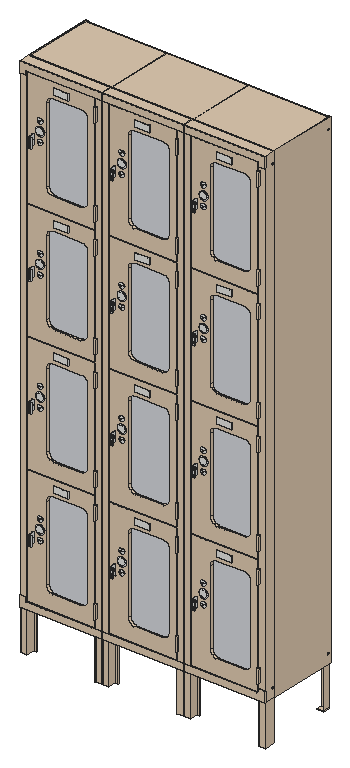
Revit family "Metal_Lockers-Salsbury_Industries-S_64000_Series-3_Wide_Units", category Specialty Equipment, Revit 2016 (continued)
Definition of nested family "Metal Locker Zee Base-Left Side"
  Dimensions and locks (in)
    "Depth": plane 7 "Left Edge of Enclosure" to plane 8 "Right Edge of Enclosure"
    "Width": plane 10 "Left Edge of Base" to plane 6 "Right Side of Unit"
    equal spacing: plane 10 "Left Edge of Base", plane 3 "Center (Left/Right)", plane 6 "Right Side of Unit"
    locked: plane 4 "Floor" to plane 9 "Bottom Edge of Enclosure" at 0.06
    aligned and locked: level to plane 2
    aligned and locked: plane 10 "Left Edge of Base" to Extrusion 1
  Automatic sketch dimensions
    plane 8 "Right Edge of Enclosure" to Extrusion 1 sketch curve = 0.000"
    Extrusion 1 sketch curve to plane 6 "Right Side of Unit" = 0.000"  (x2)
    plane 7 "Left Edge of Enclosure" to Extrusion 1 sketch curve = 0.000"
    Extrusion 1 sketch curve to plane 10 "Left Edge of Base" = 0.000"
    Extrusion 1 sketch curve to Extrusion 1 sketch curve = 0.060"
    plane 7 "Left Edge of Enclosure" to Extrusion 1 sketch curve = 0.060"
    plane 10 "Left Edge of Base" to Extrusion 1 sketch curve = 0.060"
    plane 5 "Top of Enclosure" to Extrusion 2 sketch curve = 0.000"
    Extrusion 2 sketch curve to Extrusion 2 sketch curve = 0.060"
    Extrusion 2 sketch curve to plane 7 "Left Edge of Enclosure" = 1.24133"
    plane 8 "Right Edge of Enclosure" to Extrusion 2 sketch curve = 1.250"
Definition of nested family "Metal Locker Zee Base Corner"
  Parameters (values of type "77572, 77575, 77578")
    Width = 2.000"
    Visible = yes
    Version = "1.0 (11/30/15)"
    Type Comments = "Zee Base Kit for Standard Metal Lockers - No Legs"
    Primary Structure Material = none
    Model = "n/a"
    Manufacturer = "Salsbury Industries"
    Height = 3.940"
    Description = "4\" H x 6' L - for 12\" Deep Lockers (Includes 6 Foot Front Base, 2 End Bases, Corner Splicer and 4 Rear Legs)"
    Depth = 2.000"
  Types (2): name | Visible
    77572, 77575, 77578 | yes
    None | no
  Reference planes (in)
    plane 1 "Center (Front/Back)": y = 0
    plane 2 "Bottom of Component": z = 0
    plane 3 "Center (Left/Right)": x = 0
    plane 4: z = 3.94
    plane 5: x = -1
    plane 6: x = 1
    plane 7 "Front": y = -1
    plane 8 "Back": y = 1
  Forms (in)
    Extrusion 1, solid, material <- "Primary Structure Material", visible <- "Visible"
      sketch origin (0, 0, 0) x (1, 0, 0) y (0, 1, 0)
        loop
          line (-1, 1) -> (-1, 0.94) -> (0.94, 0.94) -> (0.94, -1) -> (1, -1) -> (1, 1) -> (-1, 1)
      from 0 to 3.94
  Dimensions and locks (in)
    "Height": plane 4 to plane 2 "Bottom of Component"
    equal spacing: plane 5, plane 3 "Center (Left/Right)", plane 6
    "Width": plane 5 to plane 6
    equal spacing: plane 7 "Front", plane 1 "Center (Front/Back)", plane 8 "Back"
    "Depth": plane 7 "Front" to plane 8 "Back"
    aligned and locked: plane 2 "Bottom of Component" to level
  Automatic sketch dimensions
    Extrusion 1 sketch curve to plane 5 = 0.000"
    plane 7 "Front" to Extrusion 1 sketch curve = 0.000"
    Extrusion 1 sketch curve to plane 6 = 0.000"
    plane 8 "Back" to Extrusion 1 sketch curve = 0.000"
    plane 6 to Extrusion 1 sketch curve = 0.060"
    Extrusion 1 sketch curve to Extrusion 1 sketch curve = 0.060"
Definition of nested family "Metal Locker End Panel"
  Parameters (values of type "77362 - for 6' H x 12" D Lockers")
    Width = 0.925"
    Visible = yes
    Version = "1.0 (11/30/15)"
    Type Comments = "Finished End Panel for Standard Metal Lockers"
    Primary Structure Material = none
    Model = "77362"
    MasterFormat Title = ""
    MasterFormat Number = ""
    Manufacturer = "Salsbury Industries"
    Height = 72.000"
    Description = "End Panel for 6' H x 12\" Deep Lockers"
    Depth = 12.010"
    Assembly Code = ""
  Types (7): name | Visible | Model | Height | Description | Depth
    77362 - for 6' H x 12" D Lockers | yes | "77362" | 72.000" | "End Panel for 6' H x 12\" Deep Lockers" | 12.010"
    77365 - for 6' H x 15" D Lockers | yes | "77365" | 72.000" | "End Panel for 6' H x 15\" Deep Lockers" | 15.010"
    77368 - for 6' H X 18" D Lockers | yes | "77368" | 72.000" | "End Panel for 6' H x 18\" Deep Lockers" | 18.010"
    77352 - for 5' H x 12" D Lockers | yes | "77352" | 60.000" | "End Panel for 5' H x 12\" Deep Lockers" | 12.010"
    77355 - for 5' H x 15" D Lockers | yes | "77355" | 60.000" | "End Panel for 5' H x 15\" Deep Lockers" | 15.010"
    77358 - for 5' H x 18" D Lockers | yes | "77358" | 60.000" | "End Panel for 5' H x 18\" Deep Lockers" | 18.010"
    None | no | "n/a" | 72.000" | "" | 12.010"
  Reference planes (in)
    plane 1 "Center (Front/Back)": y = -2.167
    plane 2: z = 0
    plane 3 "Center (Left/Right)": x = -4.595
    plane 4 "Bottom of Panel": z = 0
    plane 5 "Top of Panel": z = 72
    plane 6 "Front of Panel": y = -8.172
    plane 7 "Right Side of Enclosure": x = -4.1325
    plane 8 "Left Side of Enclosure": x = -5.0575
    plane 9 "Back of Panel": y = 3.838
    plane 10: z = 36
    plane 11: z = 70.283
    plane 12: z = 1.717
    plane 13 "Outside Edge of Front Flap": y = -8.23214
    plane 14 "Outside Edge of Back Flap": y = 3.898
  Forms (in)
    Extrusion 1, solid, material <- "Primary Structure Material", visible <- "Visible"
      sketch origin (-4.1325, 0.48244, 0) x (0, 0, -1) y (0, -1, 0)
        loop
          line (-72, 8.71458) -> (-72, -3.41556) -> (0, -3.41556) -> (0, 8.71458) -> (-72, 8.71458)
      from 0 to -0.06
    Extrusion 2, solid, material <- "Primary Structure Material", visible <- "Visible"
      sketch origin (0, 3.838, 0) x (0, 0, -1) y (1, 0, 0)
        loop
          line (-72, -5.0575) -> (0, -5.0575) -> (0, -4.1325) -> (-72, -4.1325) -> (-72, -5.0575)
      from 0 to -0.06
    Extrusion 3, solid, material <- "Primary Structure Material", visible <- "Visible"
      sketch origin (0, -8.172, 0) x (1, 0, 0) y (0, 0, 1)
        loop
          line (-5.0575, 70.283) -> (-5.0575, 1.717) -> (-4.1325, 1.717) -> (-4.1325, 70.283) -> (-5.0575, 70.283)
      from 0.06014 to 0
  Dimensions and locks (in)
    equal spacing: plane 6 "Front of Panel", plane 1 "Center (Front/Back)", plane 9 "Back of Panel"
    "Depth": plane 6 "Front of Panel" to plane 9 "Back of Panel"
    equal spacing: plane 8 "Left Side of Enclosure", plane 3 "Center (Left/Right)", plane 7 "Right Side of Enclosure"
    "Width": plane 8 "Left Side of Enclosure" to plane 7 "Right Side of Enclosure"
    equal spacing: plane 5 "Top of Panel", plane 10, plane 2
    "Height": plane 5 "Top of Panel" to plane 2
    locked: plane 5 "Top of Panel" to plane 11 at 1.717
    locked: plane 13 "Outside Edge of Front Flap" to plane 6 "Front of Panel" at 0.06014
    locked: plane 9 "Back of Panel" to plane 14 "Outside Edge of Back Flap" at 0.06
    aligned and locked: level to plane 2
    aligned and locked: plane 5 "Top of Panel" to Extrusion 1 sketch curve
    aligned and locked: plane 5 "Top of Panel" to Extrusion 2 sketch curve
    aligned and locked: Extrusion 2 to plane 9 "Back of Panel"
    aligned and locked: plane 11 to Extrusion 3 sketch curve
    aligned and locked: plane 6 "Front of Panel" to Extrusion 3
    aligned and locked: plane 14 "Outside Edge of Back Flap" to Extrusion 2
    aligned and locked: Extrusion 1 to plane 14 "Outside Edge of Back Flap"
    aligned and locked: plane 13 "Outside Edge of Front Flap" to Extrusion 3
    aligned and locked: Extrusion 2 to plane 7 "Right Side of Enclosure"
    aligned and locked: Extrusion 3 to plane 7 "Right Side of Enclosure"
  Automatic sketch dimensions
    Extrusion 1 sketch curve to level = 0.000"
    Extrusion 2 sketch curve to level = 0.000"
    plane 8 "Left Side of Enclosure" to Extrusion 2 sketch curve = 0.000"
    plane 7 "Right Side of Enclosure" to Extrusion 2 sketch curve = 0.000"
    plane 8 "Left Side of Enclosure" to Extrusion 3 sketch curve = 0.000"
    Extrusion 3 sketch curve to plane 12 = 0.000"
    plane 7 "Right Side of Enclosure" to Extrusion 3 sketch curve = 0.000"
    Extrusion 1 sketch curve to plane 14 "Outside Edge of Back Flap" = 0.000"
    plane 6 "Front of Panel" to Extrusion 1 sketch curve = 0.06014"
Definition of nested family "Metal Locker Front Filler"
  Parameters (values of type "77869 - for 6' H Lockers (Zee Base or No Legs)")
    Width = 9.000"
    Visible = yes
    Version = "1.0 (11/30/15)"
    Type Comments = "Vertical Front Filler for Standard Metal Lockers"
    Primary Structure Material = none
    Model = "77865"
    MasterFormat Title = ""
    MasterFormat Number = ""
    Manufacturer = "Salsbury Industries"
    Height = 72.000"
    Description = "9\" W Vertical Front Filler for 6' H Lockers"
    Depth = 1.500"
    Assembly Code = ""
  Types (9): name | Width | Visible | Model | Height | Description | Depth
    77865 - for 6' H Lockers with Legs | 15.000" | yes | "77865" | 78.000" | "15\" W Vertical Front Filler for 6' H Lockers" | 1.000"
    77869 - for 6' H Lockers with Legs | 9.000" | yes | "77865" | 78.000" | "9\" W Vertical Front Filler for 6' H Lockers" | 1.000"
    77855 - for 5' H Lockers with Legs | 15.000" | yes | "77855" | 66.000" | "15\" W Vertical Front Filler for 5' H Lockers" | 1.000"
    77859 - for 5' H Lockers with Legs | 9.000" | yes | "77859" | 66.000" | "9\" W Vertical Front Filler for 5' H Lockers" | 1.000"
    None | 15.000" | no | "n/a" | 78.000" | "" | 1.500"
    77865 - for 6' H Lockers (Zee Base or No Legs) | 15.000" | yes | "77865" | 72.000" | "15\" W Vertical Front Filler for 6' H Lockers" | 1.000"
    77869 - for 6' H Lockers (Zee Base or No Legs) | 9.000" | yes | "77865" | 72.000" | "9\" W Vertical Front Filler for 6' H Lockers" | 1.500"
    77859 - for 5' H Lockers (Zee Base or No Legs) | 9.000" | yes | "77859" | 60.000" | "9\" W Vertical Front Filler for 5' H Lockers" | 1.000"
    77855 - for 5' H Lockers (Zee Base or No Legs) | 15.000" | yes | "77855" | 60.000" | "15\" W Vertical Front Filler for 5' H Lockers" | 1.000"
  Reference planes (in)
    plane 1 "Center (Front/Back)": y = -2.167
    plane 2: z = 0
    plane 3 "Center (Left/Right)": x = -4.595
    plane 4 "Bottom of Filler": z = 0
    plane 5 "Top of Panel": z = 72
    plane 6 "Front of Filler": y = -2.917
    plane 7 "Right Side of Filler": x = -0.095
    plane 8 "Left Side of Filler": x = -9.095
    plane 9 "Back of Filler": y = -1.417
    plane 10: z = 36
  Forms (in)
    Extrusion 1, solid, material <- "Primary Structure Material", visible <- "Visible"
      sketch origin (0, 0, 0) x (0, -1, 0) y (1, 0, 0)
        loop
          line (1.417, -9.095) -> (2.917, -9.095) -> (2.917, -1.095) -> (2.869, -1.095) -> (2.869, -9.047) -> (1.417, -9.047) -> (1.417, -9.095)
      from 0 to 72
    Extrusion 2, solid, material <- "Primary Structure Material", visible <- "Visible"
      sketch origin (0, -0.20425, 0) x (0, -1, 0) y (1, 0, 0)
        loop
          line (1.30875, -0.095) -> (1.30875, -0.143) -> (2.76075, -0.143) -> (2.76075, -1.595) -> (2.80875, -1.595) -> (2.80875, -0.095) -> (1.30875, -0.095)
      from 0 to 72
    Extrusion 3, solid, material <- "Primary Structure Material", visible <- "Visible"
      sketch origin (0, 0.10825, 0) x (0, -1, 0) y (1, 0, 0)
        loop
          line (3.07325, -1.595) -> (3.07325, -0.82524) -> (3.02525, -0.82524) -> (3.02525, -1.376) -> (3.02525, -1.449) -> (3.02525, -1.522) -> (3.02525, -1.595) -> (3.07325, -1.595)
      from 0 to 72
    Extrusion 4, solid, material <- "Primary Structure Material", visible <- "Visible"
      sketch origin (0, 0, 0) x (0, -1, 0) y (1, 0, 0)
        loop
          line (2.917, -0.82524) -> (2.821, -0.82524) -> (2.821, -1.80024) -> (2.869, -1.80024) -> (2.869, -0.87324) -> (2.917, -0.87324) -> (2.917, -0.82524)
      from 0 to 72
  Dimensions and locks (in)
    equal spacing: plane 6 "Front of Filler", plane 1 "Center (Front/Back)", plane 9 "Back of Filler"
    "Depth": plane 6 "Front of Filler" to plane 9 "Back of Filler"
    equal spacing: plane 8 "Left Side of Filler", plane 3 "Center (Left/Right)", plane 7 "Right Side of Filler"
    "Width": plane 8 "Left Side of Filler" to plane 7 "Right Side of Filler"
    equal spacing: plane 5 "Top of Panel", plane 10, plane 2
    "Height": plane 5 "Top of Panel" to plane 2
    aligned and locked: level to plane 2
    aligned and locked: Extrusion 1 to plane 5 "Top of Panel"
    aligned and locked: Extrusion 2 to plane 5 "Top of Panel"
    aligned and locked: Extrusion 3 to plane 5 "Top of Panel"
    aligned and locked: Extrusion 4 to plane 5 "Top of Panel"
  Automatic sketch dimensions
    plane 9 "Back of Filler" to Extrusion 1 sketch curve = 0.000"
    plane 6 "Front of Filler" to Extrusion 1 sketch curve = 0.000"
    Extrusion 1 sketch curve to plane 8 "Left Side of Filler" = 0.000"
    Extrusion 1 sketch curve to plane 6 "Front of Filler" = 0.048"
    Extrusion 1 sketch curve to Extrusion 1 sketch curve = 0.048"
    plane 7 "Right Side of Filler" to Extrusion 1 sketch curve = 1.000"
    Extrusion 2 sketch curve to plane 7 "Right Side of Filler" = 0.000"
    plane 7 "Right Side of Filler" to Extrusion 2 sketch curve = 0.048"
    plane 9 "Back of Filler" to Extrusion 2 sketch curve = 0.096"
    plane 6 "Front of Filler" to Extrusion 2 sketch curve = 0.048"
    Extrusion 2 sketch curve to Extrusion 2 sketch curve = 0.048"
    Extrusion 2 sketch curve to Extrusion 2 sketch curve = 1.452"
    plane 6 "Front of Filler" to Extrusion 3 sketch curve = 0.000"
    plane 7 "Right Side of Filler" to Extrusion 3 sketch curve = 1.500"
    Extrusion 3 sketch curve to Extrusion 3 sketch curve = 0.073"  (x3)
    Extrusion 3 sketch curve to Extrusion 3 sketch curve = 0.55076"
    Extrusion 3 sketch curve to Extrusion 3 sketch curve = 0.048"
    plane 6 "Front of Filler" to Extrusion 4 sketch curve = 0.000"
    Extrusion 4 sketch curve to plane 6 "Front of Filler" = 0.048"
    Extrusion 4 sketch curve to Extrusion 4 sketch curve = 0.048"  (x2)
    plane 7 "Right Side of Filler" to Extrusion 4 sketch curve = 1.70524"
    plane 7 "Right Side of Filler" to Extrusion 4 sketch curve = 0.77824"
Definition of nested family "Metal Locker Flat Top Filler"
  Parameters (values of type "77842 - for 12" Deep Lockers (15" W)")
    Width = 16.250"
    Visible = yes
    Version = "1.0 (11/30/15)"
    Type Comments = "Flat Top Filler for Standard Metal Lockers"
    Primary Structure Material = none
    Model = "77842"
    MasterFormat Title = ""
    MasterFormat Number = ""
    Manufacturer = "Salsbury Industries"
    Height = 1.003"
    Description = "15\"W Flat Top In-Line Filler"
    Depth = 12.118"
    Assembly Code = ""
  Types (7): name | Width | Visible | Model | Depth
    77842 - for 12" Deep Lockers (15" W) | 16.250" | yes | "77842" | 12.118"
    77842 - for 12" Deep Lockers (9" W) | 10.250" | yes | "77842" | 12.118"
    77845 - for 15" Deep Lockers (15" W) | 16.250" | yes | "77845" | 15.118"
    77845 - for 15" Deep Lockers (9" W) | 10.250" | yes | "77845" | 15.118"
    77848 - for 18" Deep Lockers (15" W) | 16.250" | yes | "77848" | 18.118"
    77848 - for 18" Deep Lockers (9" W) | 10.250" | yes | "77848" | 18.118"
    None | 16.250" | no | "" | 12.118"
  Reference planes (in)
    plane 1 "Center (Front/Back)": y = -2.167
    plane 2: z = 0
    plane 3 "Center (Left/Right)": x = -4.595
    plane 4 "Bottom of Panel": z = 0
    plane 5 "Top of Panel": z = 1.003
    plane 6 "Front of Panel": y = -8.226
    plane 7 "Right Side of Enclosure": x = 3.53
    plane 8 "Left Side of Enclosure": x = -12.72
    plane 9 "Back of Panel": y = 3.892
    plane 10: z = 0.5015
  Forms (in)
    Extrusion 1, solid, material <- "Primary Structure Material", visible <- "Visible"
      sketch origin (-4.595, 0, 0) x (0, 1, 0) y (0, 0, 1)
        loop
          line (-8.226, 0) -> (-8.178, 0) -> (-8.178, 0.955) -> (3.892, 0.955) -> (3.892, 1.003) -> (-8.226, 1.003) -> (-8.226, 0)
      from -8.125 to 8.125
  Dimensions and locks (in)
    equal spacing: plane 6 "Front of Panel", plane 1 "Center (Front/Back)", plane 9 "Back of Panel"
    "Depth": plane 6 "Front of Panel" to plane 9 "Back of Panel"
    equal spacing: plane 8 "Left Side of Enclosure", plane 3 "Center (Left/Right)", plane 7 "Right Side of Enclosure"
    "Width": plane 8 "Left Side of Enclosure" to plane 7 "Right Side of Enclosure"
    equal spacing: plane 5 "Top of Panel", plane 10, plane 2
    "Height": plane 5 "Top of Panel" to plane 2
    aligned and locked: level to plane 2
    aligned and locked: Extrusion 1 to plane 7 "Right Side of Enclosure"
    aligned and locked: plane 8 "Left Side of Enclosure" to Extrusion 1
    aligned and locked: plane 6 "Front of Panel" to Extrusion 1
    aligned and locked: Extrusion 1 to plane 9 "Back of Panel"
  Automatic sketch dimensions
    plane 5 "Top of Panel" to Extrusion 1 sketch curve = 0.000"
    Extrusion 1 sketch curve to plane 6 "Front of Panel" = 0.000"
    Extrusion 1 sketch curve to level = 0.000"
    Extrusion 1 sketch curve to plane 9 "Back of Panel" = 0.000"
    Extrusion 1 sketch curve to plane 6 "Front of Panel" = 0.048"
    plane 5 "Top of Panel" to Extrusion 1 sketch curve = 0.048"
Definition of nested family "Metal Locker Flat Corner Filler"
  Parameters (values of type "77832 - for 12" Deep Lockers")
    Width = 12.625"
    Visible = yes
    Version = "1.0 (11/30/15)"
    Type Comments = "Flat Top Corner Filler for Standard Metal Lockers"
    Primary Structure Material = none
    Model = "77832"
    MasterFormat Title = ""
    MasterFormat Number = ""
    Manufacturer = "Salsbury Industries"
    Height = 0.048"
    Description = "12\"W Flat Top Corner Filler"
    Depth = 12.625"
    Assembly Code = ""
  Types (4): name | Width | Visible | Model | Description | Depth
    77832 - for 12" Deep Lockers | 12.625" | yes | "77832" | "12\"W Flat Top Corner Filler" | 12.625"
    77835 - for 15" Deep Lockers | 15.625" | yes | "77835" | "15\"W Flat Top Corner Filler" | 15.625"
    77838 - for 18" Deep Lockers | 18.625" | yes | "77838" | "18\"W Flat Top Corner Filler" | 18.625"
    None | 12.625" | no | "" | "" | 12.625"
  Reference planes (in)
    plane 1 "Center (Front/Back)": y = -2.167
    plane 2: z = 0
    plane 3 "Center (Left/Right)": x = -4.595
    plane 4 "Bottom of Panel": z = 0
    plane 5 "Top of Panel": z = 0.048
    plane 6 "Front of Panel": y = -8.4795
    plane 7 "Right Side of Enclosure": x = 1.7175
    plane 8 "Left Side of Enclosure": x = -10.9075
    plane 9 "Back of Panel": y = 4.1455
    plane 10: z = 0.024
  Forms (in)
    Extrusion 1, solid, material <- "Primary Structure Material", visible <- "Visible"
      sketch origin (0, 0, 0) x (0, -1, 0) y (1, 0, 0)
        loop
          line (7.8545, -10.9075) -> (7.8545, -10.2825) -> (8.4795, -10.2825) -> (8.4795, 1.7175) -> (-4.1455, 1.7175) -> (-4.1455, -10.9075) -> (7.8545, -10.9075)
      from 0 to 0.048
  Dimensions and locks (in)
    equal spacing: plane 6 "Front of Panel", plane 1 "Center (Front/Back)", plane 9 "Back of Panel"
    "Depth": plane 6 "Front of Panel" to plane 9 "Back of Panel"
    equal spacing: plane 8 "Left Side of Enclosure", plane 3 "Center (Left/Right)", plane 7 "Right Side of Enclosure"
    "Width": plane 8 "Left Side of Enclosure" to plane 7 "Right Side of Enclosure"
    equal spacing: plane 5 "Top of Panel", plane 10, plane 2
    "Height": plane 5 "Top of Panel" to plane 2
    aligned and locked: level to plane 2
    aligned and locked: Extrusion 1 to plane 9 "Back of Panel"
    aligned and locked: plane 6 "Front of Panel" to Extrusion 1
    aligned and locked: Extrusion 1 to plane 7 "Right Side of Enclosure"
    aligned and locked: plane 8 "Left Side of Enclosure" to Extrusion 1
  Automatic sketch dimensions
    Extrusion 1 sketch curve to plane 8 "Left Side of Enclosure" = 0.000"
    plane 9 "Back of Panel" to Extrusion 1 sketch curve = 0.000"
    plane 6 "Front of Panel" to Extrusion 1 sketch curve = 0.000"
    Extrusion 1 sketch curve to plane 7 "Right Side of Enclosure" = 0.000"
    Extrusion 1 sketch curve to plane 8 "Left Side of Enclosure" = 0.625"
    Extrusion 1 sketch curve to plane 6 "Front of Panel" = 0.625"
Definition of nested family "Metal Locker Sloping Top Filler"
  Parameters (values of type "77882 - for 12" Deep Lockers (15" W)")
    Width = 16.250"
    Visible = yes
    Version = "1.0 (11/30/15)"
    Type Comments = "Sloping Hood In-Line Filler for Standard Metal Lockers"
    Slope Angle = 28.761°
    Primary Structure Material = none
    Model = "77882"
    MasterFormat Title = ""
    MasterFormat Number = ""
    Manufacturer = "Salsbury Industries"
    Height = 1.003"
    Description = "15\"W Sloping Hood In-Line Filler"
    Depth = 12.118"
    Assembly Code = ""
  Types (7): name | Width | Visible | Type Comments | Slope Angle | Model | Description | Depth
    77882 - for 12" Deep Lockers (15" W) | 16.250" | yes | "Sloping Hood In-Line Filler for Standard Metal Lockers" | 28.761° | "77882" | "15\"W Sloping Hood In-Line Filler" | 12.118"
    77882 - for 12" Deep Lockers (9" W) | 10.250" | yes | "Sloping Hood In-Line Filler for Standard Metal Lockers" | 28.761° | "77882" | "15\"W Sloping Hood In-Line Filler" | 12.118"
    77885 - for 15" Deep Lockers (15" W) | 16.250" | yes | "Sloping Hood In-Line Filler for Standard Metal Lockers" | 29.946° | "77885" | "15\"W Sloping Hood In-Line Filler" | 15.118"
    77885 - for 15" Deep Lockers (9" W) | 10.250" | yes | "Sloping Hood In-Line Filler for Standard Metal Lockers" | 29.946° | "77885" | "15\"W Sloping Hood In-Line Filler" | 15.118"
    77888 - for 18" Deep Lockers (15" W) | 16.250" | yes | "Sloping Hood In-Line Filler for Standard Metal Lockers" | 30.723° | "77888" | "15\"W Sloping Hood In-Line Filler" | 18.118"
    77888 - for 18" Deep Lockers (9" W) | 10.250" | yes | "Sloping Hood In-Line Filler for Standard Metal Lockers" | 30.723° | "77888" | "15\"W Sloping Hood In-Line Filler" | 18.118"
    None | 16.250" | no | "Sloping Hood for Standard Metal Lockers" | 28.761° | "" | "" | 12.118"
  Reference planes (in)
    plane 1 "Center (Front/Back)": y = -2.167
    plane 2: z = 0
    plane 3 "Center (Left/Right)": x = -4.595
    plane 4 "Bottom of Panel": z = 0
    plane 5 "Top of Panel": z = 1.003
    plane 6 "Front of Panel": y = -8.226
    plane 7 "Right Side of Enclosure": x = 3.53
    plane 8 "Left Side of Enclosure": x = -12.72
    plane 9 "Back of Panel": y = 3.892
    plane 10: z = 0.5015
    plane 11: through (0, -7.6072, 0.33964) normal (0, -0.4812, 0.8766)
    plane 12: through (0, -7.72698, 0.21914) normal (0, -0.4812, 0.8766)
  Forms (in)
    Extrusion 1, solid, material <- "Primary Structure Material", visible <- "Visible"
      sketch origin (-4.595, 0, 0) x (0, 1, 0) y (0, 0, 1)
        loop
          line (3.892, 6.65119) -> (-8.226, 0) -> (-8.226, -1.028) -> (-8.178, -1.028) -> (-8.178, -0.02841) -> (3.892, 6.59643) -> (3.892, 6.65119)
      from -8.125 to 8.125
  Dimensions and locks (in)
    equal spacing: plane 6 "Front of Panel", plane 1 "Center (Front/Back)", plane 9 "Back of Panel"
    "Depth": plane 6 "Front of Panel" to plane 9 "Back of Panel"
    equal spacing: plane 8 "Left Side of Enclosure", plane 3 "Center (Left/Right)", plane 7 "Right Side of Enclosure"
    "Width": plane 8 "Left Side of Enclosure" to plane 7 "Right Side of Enclosure"
    equal spacing: plane 5 "Top of Panel", plane 10, plane 2
    "Height": plane 5 "Top of Panel" to plane 2
    locked: plane 11 to plane 12 at 0.048
    "Slope Angle": angle plane 4 "Bottom of Panel" to plane 11
    aligned and locked: level to plane 2
    aligned and locked: plane 11 to Extrusion 1 sketch curve
    aligned and locked: plane 12 to Extrusion 1 sketch curve
    aligned and locked: Extrusion 1 to plane 7 "Right Side of Enclosure"
    aligned and locked: plane 8 "Left Side of Enclosure" to Extrusion 1
  Automatic sketch dimensions
    Extrusion 1 sketch curve to plane 6 "Front of Panel" = 0.000"
    Extrusion 1 sketch curve to Extrusion 1 sketch curve = 0.99959"
    Extrusion 1 sketch curve to level = 0.02841"
    Extrusion 1 sketch curve to plane 9 "Back of Panel" = 0.000"
Definition of nested family "Metal Locker Sloping Corner Filler"
  Parameters (values of type "77872 - for 12" Deep Lockers")
    Width = 12.695"
    Visible = yes
    Version = "1.0 (11/30/15)"
    Type Comments = "Sloping Hood Corner Filler for Standard Metal Lockers"
    Slope Angle 2 = 28.761°
    Slope Angle 1 = 28.761°
    Primary Structure Material = none
    Model = "77872"
    MasterFormat Title = ""
    MasterFormat Number = ""
    Manufacturer = "Salsbury Industries"
    Height = 6.87897"
    Description = "12\"D Sloping Hood Corner Filler"
    Depth = 12.695"
    Assembly Code = ""
  Types (4): name | Width | Visible | Slope Angle 2 | Slope Angle 1 | Model | Description | Depth
    77872 - for 12" Deep Lockers | 12.695" | yes | 28.761° | 28.761° | "77872" | "12\"D Sloping Hood Corner Filler" | 12.695"
    77875 - for 15" Deep Lockers | 15.695" | yes | 29.946° | 29.946° | "77875" | "15\"D Sloping Hood Corner Filler" | 15.695"
    77878 - for 18" Deep Lockers | 18.695" | yes | 30.723° | 30.723° | "77878" | "18\"D Sloping Hood Corner Filler" | 18.695"
    None | 12.695" | no | 28.723° | 28.723° | "" | "" | 12.695"
  Reference planes (in)
    plane 1 "Center (Front/Back)": y = -2.167
    plane 2: z = 0
    plane 3 "Center (Left/Right)": x = -4.595
    plane 4 "Bottom of Panel": z = 0
    plane 5 "Top of Panel": z = 6.87897
    plane 6 "Front of Panel": y = -8.5145
    plane 7 "Right Side of Enclosure": x = 1.7525
    plane 8 "Left Side of Enclosure": x = -10.9425
    plane 9 "Back of Panel": y = 4.1805
    plane 10 "Center Top/Bottom": z = 3.43948
    plane 11 "Slope 1": through (0, -7.42276, 0.59922) normal (0, -0.4812, 0.8766)
    plane 12: through (0, -7.54254, 0.47872) normal (0, -0.4812, 0.8766)
    plane 13 "Diagonal Plane": through (-10.86131, 4.09969, 48) normal (0.7071, 0.7071, 0)
    plane 14 "Cutout Plane 1": y = -7.8895
    plane 15 "Cutout Plane 2": x = 1.1275
    plane 16 "Slope 2": through (1.43902, -180, 0.17206) normal (-0.4812, 0, -0.8766)
    plane 17: through (5.04554, -180, -1.86199) normal (-0.4812, 0, -0.8766)
  Forms (in)
    Extrusion 1, solid, material <- "Primary Structure Material", visible <- "Visible"
      sketch origin (-4.595, 0, 0) x (0, 1, 0) y (0, 0, 1)
        loop
          line (-7.8895, 0.28829) -> (4.1805, 6.91313) -> (4.1805, 6.96789) -> (-7.8895, 0.34304) -> (-7.8895, 0.28829)
      from -6.3475 to 6.3475
    Extrusion 2, void
      sketch origin (0, 0, 3.43948) x (1, 0, 0) y (0, 1, 0)
        loop
          line (1.75288, -8.5145) -> (-10.9425, 4.18088) -> (-10.9425, -8.5145) -> (1.75288, -8.5145)
      from -3.43948 to 8.2673
    Extrusion 3, solid, material <- "Primary Structure Material", visible <- "Visible"
      sketch origin (0, -2.167, 0) x (1, 0, 0) y (0, 0, 1)
        loop
          line (1.1275, 0.2885) -> (1.1275, 0.34304) -> (-10.9425, 6.96789) -> (-10.9425, 6.91334) -> (1.1275, 0.2885)
      from -6.3475 to 6.3475
    Extrusion 4, void
      sketch origin (-4.595, 0, 0) x (0, 1, 0) y (0, 0, 1)
        loop
          line (4.1805, 0) -> (4.1805, 6.91313) -> (-8.41474, 0) -> (4.1805, 0)
      from -6.3475 to 6.3475
    Extrusion 5, solid, not visible
      sketch origin (1.1275, 0, 0) x (0, -1, 0) y (0, 0, 1)
        loop
          line (8.60982, 0.2885) -> (7.8895, 0.2885) -> (7.8895, 0) -> (8.60982, 0) -> (8.60982, 0.2885)
      from -0.72026 to 0
  Cuts and joins
    Extrusion 2, Extrusion 4 cuts Extrusion 1
    Extrusion 4 cuts Extrusion 3
  Dimensions and locks (in)
    equal spacing: plane 6 "Front of Panel", plane 1 "Center (Front/Back)", plane 9 "Back of Panel"
    "Depth": plane 6 "Front of Panel" to plane 9 "Back of Panel"
    equal spacing: plane 8 "Left Side of Enclosure", plane 3 "Center (Left/Right)", plane 7 "Right Side of Enclosure"
    "Width": plane 8 "Left Side of Enclosure" to plane 7 "Right Side of Enclosure"
    equal spacing: plane 5 "Top of Panel", plane 10 "Center Top/Bottom", plane 2
    "Height": plane 5 "Top of Panel" to plane 2
    locked: plane 11 "Slope 1" to plane 12 at 0.048
    locked: plane 15 "Cutout Plane 2" to plane 7 "Right Side of Enclosure" at 0.625
    locked: plane 6 "Front of Panel" to plane 14 "Cutout Plane 1" at 0.625
    locked: plane 17 to plane 16 "Slope 2" at 0.04782
    "Slope Angle 1": angle plane 4 "Bottom of Panel" to plane 11 "Slope 1"
    "Slope Angle 2": angle plane 16 "Slope 2" to plane 4 "Bottom of Panel"
    aligned and locked: level to plane 2
    aligned and locked: Extrusion 1 sketch curve to plane 14 "Cutout Plane 1"
    aligned and locked: plane 9 "Back of Panel" to Extrusion 1 sketch curve
    aligned and locked: Extrusion 1 sketch curve to plane 11 "Slope 1"
    aligned and locked: plane 12 to Extrusion 1 sketch curve
    aligned and locked: plane 8 "Left Side of Enclosure" to Extrusion 1
    aligned and locked: Extrusion 1 to plane 7 "Right Side of Enclosure"
    aligned and locked: plane 6 "Front of Panel" to Extrusion 2 sketch curve
    aligned and locked: plane 8 "Left Side of Enclosure" to Extrusion 2 sketch curve
    aligned and locked: plane 13 "Diagonal Plane" to Extrusion 2 sketch curve
    aligned and locked: plane 4 "Bottom of Panel" to cut or joined group of Extrusion 1, Extrusion 2, Extrusion 4
    aligned and locked: Extrusion 4 sketch curve to level
    aligned and locked: Extrusion 4 sketch curve to plane 9 "Back of Panel"
    aligned and locked: plane 12 to Extrusion 4 sketch curve
    aligned and locked: Extrusion 4 to plane 7 "Right Side of Enclosure"
    aligned and locked: plane 8 "Left Side of Enclosure" to Extrusion 4
    aligned and locked: cut or joined group of Extrusion 3, Extrusion 4 to plane 15 "Cutout Plane 2"
    aligned and locked: plane 6 "Front of Panel" to cut or joined group of Extrusion 3, Extrusion 4
    aligned and locked: cut or joined group of Extrusion 3, Extrusion 4 to plane 9 "Back of Panel"
    aligned and locked: Extrusion 3 sketch curve to plane 15 "Cutout Plane 2"
    aligned and locked: Extrusion 3 sketch curve to plane 16 "Slope 2"
    aligned and locked: plane 8 "Left Side of Enclosure" to Extrusion 3 sketch curve
    aligned and locked: plane 17 to Extrusion 3 sketch curve
  Automatic sketch dimensions
    Extrusion 5 sketch curve to plane 14 "Cutout Plane 1" = 0.000"
    Extrusion 5 sketch curve to level = 0.000"
    plane 6 "Front of Panel" to Extrusion 5 sketch curve = 0.09532"
    Extrusion 5 sketch curve to Extrusion 5 sketch curve = 0.2885"
Definition of nested family "Metal Locker Sloping Hood"
  Parameters (values of type "77752 - for 12" Deep Lockers (1 Wide)")
    Width = 12.040"
    Visible = yes
    Version = "1.0 (11/30/15)"
    Type Comments = "Sloping Hood for Standard Metal Lockers"
    Slope Angle = 28.761°
    Primary Structure Material = none
    Model = "77752"
    MasterFormat Title = ""
    MasterFormat Number = ""
    Manufacturer = "Salsbury Industries"
    Height = 6.625"
    Dividing Lines = no
    Description = "12\" Deep for up to (3) 12\" Wide Lockers"
    Depth = 12.070"
    Assembly Code = ""
  Types (12): name | Width | Visible | Slope Angle | Model | Height | Dividing Lines | Description | Depth
    77752 - for 12" Deep Lockers (1 Wide) | 12.040" | yes | 28.761° | "77752" | 6.625" | no | "12\" Deep for up to (3) 12\" Wide Lockers" | 12.070"
    77752 - for 12" Deep Lockers (3 Wide) | 36.040" | yes | 28.761° | "77752" | 6.625" | yes | "12\" Deep for up to (3) 12\" Wide Lockers" | 12.070"
    77755 - for 15" Deep Lockers (1 Wide) | 12.040" | yes | 29.946° | "77755" | 8.682" | no | "15\" Deep for up to (3) 12\" Wide Lockers" | 15.070"
    77755 - for 15" Deep Lockers (3 Wide) | 36.040" | yes | 29.946° | "77755" | 8.628" | yes | "15\" Deep for up to (3) 12\" Wide Lockers" | 15.070"
    77758 - for 18" Deep Lockers (1 Wide) | 12.040" | yes | 30.723° | "77758" | 10.739" | no | "18\" Deep for up to (3) 12\" Wide Lockers" | 18.070"
    77758 - for 18" Deep Lockers (3 Wide) | 36.040" | yes | 30.723° | "77758" | 10.739" | yes | "18\" Deep for up to (3) 12\" Wide Lockers" | 18.070"
    None | 12.000" | no | 28.761° | "" | 6.625" | no | "" | 12.070"
    77765 - for 15" Deep Lockers (1 Wide) | 15.040" | yes | 29.946° | "77752" | 6.625" | no | "12\" Deep for up to (3) 12\" Wide Lockers" | 15.070"
    77768 - for 18" Deep Lockers (1 Wide) | 15.040" | yes | 30.723° | "77752" | 6.625" | no | "12\" Deep for up to (3) 12\" Wide Lockers" | 18.070"
    77765 - for 15" Deep Lockers (3 Wide) | 45.040" | yes | 29.946° | "77752" | 6.625" | yes | "12\" Deep for up to (3) 12\" Wide Lockers" | 15.070"
    77768 - for 18" Deep Lockers (3 Wide) | 45.040" | yes | 30.723° | "77752" | 6.625" | yes | "12\" Deep for up to (3) 12\" Wide Lockers" | 18.070"
    77759 - for 18" Deep Bridge Lockers | 72.040" | yes | 30.723° | "77752" | 6.625" | no | "12\" Deep for up to (3) 12\" Wide Lockers" | 18.070"
  Reference planes (in)
    plane 1 "Center (Front/Back)": y = -2.167
    plane 2: z = 0
    plane 3 "Center (Left/Right)": x = -4.595
    plane 4 "Bottom of Panel": z = 0
    plane 5 "Top of Panel": z = 6.625
    plane 6 "Front of Panel": y = -8.202
    plane 7 "Right Side of Enclosure": x = 1.425
    plane 8 "Left Side of Enclosure": x = -10.615
    plane 9 "Back of Panel": y = 3.868
    plane 10: z = 3.3125
    plane 11: through (0, -7.81601, 0.21186) normal (0, -0.4812, 0.8766)
    plane 12: through (0, -7.94397, 0.10626) normal (0, -0.4812, 0.8766)
    plane 13: y = 3.837
    plane 14: y = 3.806
    plane 15: y = 3.775
    plane 16: y = 3.37433
    plane 17 "Divider 1": x = -6.60167
    plane 18 "Divider 2": x = -2.58833
  Forms (in)
    Extrusion 1, solid, material <- "Primary Structure Material", visible <- "Visible"
      sketch origin (1.425, 0, 0) x (0, 0, -1) y (0, -1, 0)
        loop
          line (-6.62484, -3.868) -> (0, -3.868) -> (0, 8.202) -> (-6.62484, -3.868)
      from 0 to 0.031
    Extrusion 2, solid, material <- "Primary Structure Material", visible <- "Visible"
      sketch origin (1.425, 0, 0) x (0, 0, -1) y (0, -1, 0)
        loop
          line (0, -3.868) -> (0, -3.837) -> (-6.60783, -3.837) -> (-6.62484, -3.868) -> (0, -3.868)
      from 0.03098 to 0.40598
    Extrusion 3, solid, material <- "Primary Structure Material", visible <- "Visible"
      sketch origin (1.425, 0, 0) x (0, 0, -1) y (0, -1, 0)
        loop
          line (0, -3.837) -> (0, 8.13757) -> (-0.031, 8.08109) -> (-0.031, -3.837) -> (0, -3.837)
      from 0.031 to 0.80198
    Extrusion 4, solid, material <- "Primary Structure Material", visible <- "Visible"
      sketch origin (-10.615, 0, 0) x (0, 0, -1) y (0, -1, 0)
        loop
          line (-6.62484, -3.868) -> (0, -3.868) -> (0, 8.202) -> (-6.62484, -3.868)
      from 0 to -0.031
    Extrusion 5, solid, material <- "Primary Structure Material", visible <- "Visible"
      sketch origin (-10.615, 0, 0) x (0, 0, -1) y (0, -1, 0)
        loop
          line (0, -3.868) -> (0, -3.837) -> (-6.60783, -3.837) -> (-6.62484, -3.868) -> (0, -3.868)
      from -0.031 to -0.406
    Extrusion 6, solid, material <- "Primary Structure Material", visible <- "Visible"
      sketch origin (-10.615, 0, 0) x (0, 0, -1) y (0, -1, 0)
        loop
          line (0, -3.837) -> (0, 8.13757) -> (-0.031, 8.08109) -> (-0.031, -3.837) -> (0, -3.837)
      from -0.031 to -0.802
    Extrusion 7, solid, material <- "Primary Structure Material", visible <- "Visible"
      sketch origin (-4.595, 0, 0) x (0, 1, 0) y (0, 0, 1)
        loop
          line (3.837, 6.60783) -> (-8.202, 0) -> (-7.84238, 0) -> (-7.84238, 0.031) -> (-8.08109, 0.031) -> (3.806, 6.55545) -> (3.806, 6.21809) -> (3.837, 6.21809) -> (3.837, 6.60783)
      from -5.989 to 5.989
    Extrusion 8, solid, material <- "Primary Structure Material", visible <- "Visible"
      sketch origin (-4.595, -0.031, 0) x (0, 1, 0) y (0, 0, 1)
        loop
          line (3.837, 0.031) -> (3.837, 6.55545) -> (3.806, 6.53844) -> (3.806, 0.031) -> (3.837, 0.031)
      from -5.989 to 5.989
    Extrusion 9, solid, material <- "Primary Structure Material", visible <- "Visible"
      sketch origin (0, -0.031, 0) x (0, -1, 0) y (1, 0, 0)
        loop
          line (-3.806, -9.75653) -> (-3.40533, -9.75653) -> (-3.40533, 0.56919) -> (-3.806, 0.56919) -> (-3.806, -9.75653)
      from 0.031 to 0.06464
  Lines and regions (in)
    model lines, visible <- "Dividing Lines"
      curve 1: line (-6.60167, -8.21456, -0.0069) -> (-6.60167, 3.868, 6.62484)
      curve 2: line (-2.58833, -8.21456, -0.0069) -> (-2.58833, 3.868, 6.62484)
  Dimensions and locks (in)
    equal spacing: plane 6 "Front of Panel", plane 1 "Center (Front/Back)", plane 9 "Back of Panel"
    "Depth": plane 6 "Front of Panel" to plane 9 "Back of Panel"
    equal spacing: plane 8 "Left Side of Enclosure", plane 17 "Divider 1", plane 18 "Divider 2", plane 7 "Right Side of Enclosure"
    "Width": plane 8 "Left Side of Enclosure" to plane 7 "Right Side of Enclosure"
    equal spacing: plane 5 "Top of Panel", plane 10, plane 2
    "Height": plane 5 "Top of Panel" to plane 2
    locked: plane 11 to plane 12 at 0.031
    plane 16 to plane 15 to plane 14 to plane 13 to plane 9 "Back of Panel" = 0.40067", 0.031", 0.031", 0.031"
    equal spacing: plane 8 "Left Side of Enclosure", plane 3 "Center (Left/Right)", plane 7 "Right Side of Enclosure"
    "Slope Angle": angle plane 4 "Bottom of Panel" to plane 11
    aligned and locked: level to plane 2
    aligned and locked: Extrusion 1 to plane 9 "Back of Panel"
    aligned and locked: plane 4 "Bottom of Panel" to Extrusion 1
    aligned and locked: Extrusion 7 to Extrusion 1
    aligned and locked: Extrusion 7 to Extrusion 4
    aligned and locked: Extrusion 7 to Extrusion 8  (x2)
    aligned and locked: plane 11 to Extrusion 7 sketch curve
    aligned and locked: plane 12 to Extrusion 7 sketch curve
    aligned and locked: plane 12 to Extrusion 8 sketch curve
    aligned and locked: Extrusion 4 sketch curve to plane 11
    aligned and locked: Extrusion 1 sketch curve to plane 11
    aligned and locked: Extrusion 3 sketch curve to plane 12
    aligned and locked: Extrusion 6 sketch curve to plane 12
    aligned and locked: plane 13 to Extrusion 7
    aligned and locked: plane 14 to Extrusion 8
    aligned and locked: plane 15 to Extrusion 8
    aligned and locked: plane 16 to Extrusion 9
    aligned and locked: plane 13 to Extrusion 7 sketch curve
    aligned and locked: Extrusion 7 sketch curve to plane 14
    aligned and locked: plane 13 to Extrusion 2 sketch curve
    aligned and locked: plane 11 to Extrusion 2 sketch curve
    aligned and locked: plane 13 to Extrusion 5 sketch curve
    aligned and locked: plane 11 to Extrusion 5 sketch curve
    aligned and locked: curve 2 to plane 18 "Divider 2"
    aligned and locked: curve 1 to plane 17 "Divider 1"
  Automatic sketch dimensions
    Extrusion 7 sketch curve to level = 0.000"
    level to Extrusion 7 sketch curve = 0.031"
    Extrusion 7 sketch curve to Extrusion 7 sketch curve = 0.23871"
    Extrusion 7 sketch curve to Extrusion 7 sketch curve = 0.33736"
    Extrusion 1 sketch curve to plane 9 "Back of Panel" = 0.000"
    Extrusion 1 sketch curve to level = 0.000"
    Extrusion 2 sketch curve to plane 9 "Back of Panel" = 0.000"
    Extrusion 2 sketch curve to level = 0.000"
    Extrusion 3 sketch curve to plane 13 = 0.000"
    Extrusion 3 sketch curve to level = 0.000"
    level to Extrusion 3 sketch curve = 0.031"
    Extrusion 4 sketch curve to plane 9 "Back of Panel" = 0.000"
    Extrusion 4 sketch curve to level = 0.000"
    Extrusion 5 sketch curve to plane 9 "Back of Panel" = 0.000"
    Extrusion 5 sketch curve to level = 0.000"
    Extrusion 6 sketch curve to plane 13 = 0.000"
    Extrusion 6 sketch curve to level = 0.000"
    Extrusion 6 sketch curve to Extrusion 6 sketch curve = 0.031"
    Extrusion 8 sketch curve to plane 15 = 0.000"
    Extrusion 8 sketch curve to plane 14 = 0.000"
    level to Extrusion 8 sketch curve = 0.031"
    plane 15 to Extrusion 9 sketch curve = 0.000"
    plane 16 to Extrusion 9 sketch curve = 0.000"
    Extrusion 9 sketch curve to plane 8 "Left Side of Enclosure" = 0.85847"
    plane 7 "Right Side of Enclosure" to Extrusion 9 sketch curve = 0.85581"
    curve 1 to plane 9 "Back of Panel" = 0.000"
    plane 11 to curve 1 = 0.000"
    curve 1 to plane 11 = 0.000"
    curve 1 to level = 0.0069"
    curve 2 to plane 9 "Back of Panel" = 0.000"
    plane 11 to curve 2 = 0.000"
    curve 2 to plane 11 = 0.000"
    curve 2 to level = 0.0069"
Types (19): name | Zee Base | Window Panel Material | Unit Height including Sloping Hood Only | Unit Height | Total Door(s) Height | Sloping Hood Height | Door Window Height | Compartment Divider Height | Unit Height including Base Only | Overall Unit Height (including Base and Sloping Hood) | OmniClass 23 Title | Model | Individual Door Height | Individual Door Width | Door Location D1 | Description | Depth | Base Height | Standard Leg Base
  (no name) | Metal Locker Zee Base - 3 Wide : None | none | 78.625" | 72.000" | 69.81949" | 6.625" | 13.000" | 16.985" | 78.000" | 84.625" | "Equipment and Furnishings" | "S-64362" | 17.360" | 33.90055" | See-Through Metal Locker Doors-12 inch with Latch Hasps : Four Tier Door - 6 foot | "3 Wide - 6 Feet High - 12 Inches Deep" | 12.010" | 6.000" | Metal Locker Legs - 3 Wide : 6" High - 36" W x 12" D
  S-64362 - with Standard 6" High Legs | Metal Locker Zee Base - 3 Wide : None | none | 78.625" | 72.000" | 69.81949" | 6.625" | 13.000" | 16.985" | 78.000" | 84.625" | "Equipment and Furnishings" | "S-64362" | 17.360" | 33.90055" | See-Through Metal Locker Doors-12 inch with Latch Hasps : Four Tier Door - 6 foot | "3 Wide - 6 Feet High - 12 Inches Deep" | 12.010" | 6.000" | Metal Locker Legs - 3 Wide : 6" High - 36" W x 12" D
  S-64365 - with Standard 6" High Legs | Metal Locker Zee Base - 3 Wide : None | Polycarbonate - Salsbury Finish - Clear | 80.682" | 72.000" | 69.81949" | 8.682" | 13.000" | 16.985" | 78.000" | 86.682" | "Equipment and Furnishings" | "S-64365" | 17.360" | 9.90055" | See-Through Metal Locker Doors-12 inch with Latch Hasps : Four Tier Door - 6 foot | "3 Wide - 6 Feet High - 15 Inches Deep" | 15.010" | 6.000" | Metal Locker Legs - 3 Wide : 6" High - 36" W x 15" D
  S-64368 - with Standard 6" High Legs | Metal Locker Zee Base - 3 Wide : None | Polycarbonate - Salsbury Finish - Clear | 82.739" | 72.000" | 69.81949" | 10.739" | 13.000" | 16.985" | 78.000" | 88.739" | "Equipment and Furnishings" | "S-64368" | 17.360" | 9.90055" | See-Through Metal Locker Doors-12 inch with Latch Hasps : Four Tier Door - 6 foot | "3 Wide - 6 Feet High - 18 Inches Deep" | 18.010" | 6.000" | Metal Locker Legs - 3 Wide : 6" High - 36"W x 18"D
  S-64362 - with 77572 Zee Base and 77550 Lockers without Legs | Metal Locker Zee Base - 3 Wide : 77572- 36" W x 12" D | none | 78.625" | 72.000" | 69.81949" | 6.625" | 13.000" | 16.985" | 76.000" | 82.625" | "Equipment and Furnishings" | "S-64362 with 77572 and 77550" | 17.360" | 9.90055" | See-Through Metal Locker Doors-12 inch with Latch Hasps : Four Tier Door - 6 foot | "3 Wide - 6 Feet High - 12 Inches Deep with Zee Base and Lockers without Legs" | 12.010" | 4.000" | Metal Locker Legs - 3 Wide : No Legs
  S-64365 - with 77575 Zee Base and 77550 Lockers without Legs | Metal Locker Zee Base - 3 Wide : 77575 - 36" W x 15" D | Polycarbonate - Salsbury Finish - Clear | 80.682" | 72.000" | 69.81949" | 8.682" | 13.000" | 16.985" | 76.000" | 84.682" | "Equipment and Furnishings" | "S-64365 with 77575 and 77550" | 17.360" | 9.90055" | See-Through Metal Locker Doors-12 inch with Latch Hasps : Four Tier Door - 6 foot | "3 Wide - 6 Feet High - 15 Inches Deep with Zee Base and Lockers without Legs" | 15.010" | 4.000" | Metal Locker Zee Base - 3 Wide : None
  S-64368 - with 77578 Zee Base and 77550 Lockers without Legs | Metal Locker Zee Base - 3 Wide : 77578 - 36"W x 18"D | Polycarbonate - Salsbury Finish - Clear | 82.739" | 72.000" | 69.81949" | 10.739" | 13.000" | 16.985" | 76.000" | 86.739" | "Equipment aqnd Furnishings" | "S-64368 with 77578 and 77550" | 17.360" | 9.90055" | See-Through Metal Locker Doors-12 inch with Latch Hasps : Four Tier Door - 6 foot | "3 Wide - 6 Feet High - 18 Inches Deep with Zee Base and Lockers without Legs" | 18.010" | 4.000" | Metal Locker Zee Base - 3 Wide : None
  S-64362 - with 77550 Lockers without Legs | Metal Locker Zee Base - 3 Wide : None | Polycarbonate - Salsbury Finish - Clear | 78.625" | 72.000" | 69.81949" | 6.625" | 13.000" | 16.985" | 72.000" | 78.625" | "Equipment and Furnishings" | "S-64362 with 77550" | 17.360" | 9.90055" | See-Through Metal Locker Doors-12 inch with Latch Hasps : Four Tier Door - 6 foot | "3 Wide - 6 Feet High - 12 Inches Deep with Lockers without Legs" | 12.010" | 0.000" | Metal Locker Legs - 3 Wide : No Legs
  S-64365 - with 77550 Lockers without Legs | Metal Locker Zee Base - 3 Wide : None | Polycarbonate - Salsbury Finish - Clear | 80.682" | 72.000" | 69.81949" | 8.682" | 13.000" | 16.985" | 72.000" | 80.682" | "Equipment and Furnishings" | "S-64365 with 77550" | 17.360" | 9.90055" | See-Through Metal Locker Doors-12 inch with Latch Hasps : Four Tier Door - 6 foot | "3 Wide - 6 Feet High - 15 Inches Deep with Lockers without Legs" | 15.010" | 0.000" | Metal Locker Legs - 3 Wide : No Legs
  S-64368 - with 77550 Lockers without Legs | Metal Locker Zee Base - 3 Wide : None | Polycarbonate - Salsbury Finish - Clear | 82.739" | 72.000" | 69.81949" | 10.739" | 13.000" | 16.985" | 72.000" | 82.739" | "Equipment and Furnishings" | "S-64368 with 77550" | 17.360" | 9.90055" | See-Through Metal Locker Doors-12 inch with Latch Hasps : Four Tier Door - 6 foot | "3 Wide - 6 Feet High - 18 Inches Deep with Lockers without Legs" | 18.010" | 0.000" | Metal Locker Legs - 3 Wide : No Legs
  S-64352 - with Standard 6" High Legs | Metal Locker Zee Base - 3 Wide : None | Polycarbonate - Salsbury Finish - Clear | 66.625" | 60.000" | 57.81949" | 6.625" | 10.000" | 13.985" | 66.000" | 72.625" | "Equipment and Furnishings" | "S-64352" | 14.360" | 9.90055" | See-Through Metal Locker Doors-12 inch with Latch Hasps : Four Tier Door - 5 foot | "3 Wide - 5 Feet High - 12 Inches Deep" | 12.010" | 6.000" | Metal Locker Legs - 3 Wide : 6" High - 36" W x 12" D
  S-64352 - with 77572 Zee Base and 77550 Lockers without Legs | Metal Locker Zee Base - 3 Wide : 77572- 36" W x 12" D | Polycarbonate - Salsbury Finish - Clear | 66.625" | 60.000" | 57.81949" | 6.625" | 10.000" | 13.985" | 64.000" | 70.625" | "Equipment and Furnishings" | "S-64352 with 77572 and 77550" | 14.360" | 9.90055" | See-Through Metal Locker Doors-12 inch with Latch Hasps : Four Tier Door - 5 foot | "3 Wide - 5 Feet High - 12 Inches Deep with Zee Base and Lockers without Legs" | 12.010" | 4.000" | Metal Locker Legs - 3 Wide : No Legs
  S-64352 - with 77550 Lockers without Legs | Metal Locker Zee Base - 3 Wide : None | Polycarbonate - Salsbury Finish - Clear | 66.625" | 60.000" | 57.81949" | 6.625" | 10.000" | 13.985" | 60.000" | 66.625" | "Equipment and Furnishings" | "S-64352 with 77550" | 14.360" | 9.90055" | See-Through Metal Locker Doors-12 inch with Latch Hasps : Four Tier Door - 5 foot | "3 Wide - 5 Feet High - 12 Inches Deep with Lockers without Legs" | 12.010" | 0.000" | Metal Locker Legs - 3 Wide : No Legs
  S-64355 - with Standard 6" High Legs | Metal Locker Zee Base - 3 Wide : None | Polycarbonate - Salsbury Finish - Clear | 68.682" | 60.000" | 57.81949" | 8.682" | 10.000" | 13.985" | 66.000" | 74.682" | "Equipment and Furnishings" | "S-64355" | 14.360" | 9.90055" | See-Through Metal Locker Doors-12 inch with Latch Hasps : Four Tier Door - 5 foot | "3 Wide - 5 Feet High - 15 Inches Deep" | 15.010" | 6.000" | Metal Locker Legs - 3 Wide : 6" High - 36" W x 15" D
  S-64355 - with 77575 Zee Base and 77550 Lockers without Legs | Metal Locker Zee Base - 3 Wide : 77575 - 36" W x 15" D | Polycarbonate - Salsbury Finish - Clear | 68.682" | 60.000" | 57.81949" | 8.682" | 10.000" | 13.985" | 64.000" | 72.682" | "Equipment and Furnishings" | "S-64355 with 77575 and 77550" | 14.360" | 9.90055" | See-Through Metal Locker Doors-12 inch with Latch Hasps : Four Tier Door - 5 foot | "3 Wide - 5 Feet High - 15 Inches Deep with Zee Base and Lockers without Legs" | 15.010" | 4.000" | Metal Locker Zee Base - 3 Wide : None
  S-64355 - with 77550 Lockers without Legs | Metal Locker Zee Base - 3 Wide : None | Polycarbonate - Salsbury Finish - Clear | 68.682" | 60.000" | 57.81949" | 8.682" | 10.000" | 13.985" | 60.000" | 68.682" | "Equipment and Furnishings" | "S-64355 with 77550" | 14.360" | 9.90055" | See-Through Metal Locker Doors-12 inch with Latch Hasps : Four Tier Door - 5 foot | "3 Wide - 5 Feet High - 15 Inches Deep with Lockers without Legs" | 15.010" | 0.000" | Metal Locker Legs - 3 Wide : No Legs
  S-64358 - with Standard 6" High Legs | Metal Locker Zee Base - 3 Wide : None | Polycarbonate - Salsbury Finish - Clear | 70.739" | 60.000" | 57.81949" | 10.739" | 10.000" | 13.985" | 66.000" | 76.739" | "Equipment and Furnishings" | "S-64358" | 14.360" | 9.90055" | See-Through Metal Locker Doors-12 inch with Latch Hasps : Four Tier Door - 5 foot | "3 Wide - 5 Feet High - 18 Inches Deep" | 18.010" | 6.000" | Metal Locker Legs - 3 Wide : 6" High - 36"W x 18"D
  S-64358 - with 77578 Zee Base and 77550 Lockers without Legs | Metal Locker Zee Base - 3 Wide : 77578 - 36"W x 18"D | Polycarbonate - Salsbury Finish - Clear | 70.739" | 60.000" | 57.81949" | 10.739" | 10.000" | 13.985" | 64.000" | 74.739" | "Equipment and Furnishings" | "S-64358 with 77578 and 77550" | 14.360" | 9.90055" | See-Through Metal Locker Doors-12 inch with Latch Hasps : Four Tier Door - 5 foot | "3 Wide - 5 Feet High - 18 Inches Deep with Zee Base and Lockers without Legs" | 18.010" | 4.000" | Metal Locker Zee Base - 3 Wide : None
  S-64358 - with 77550 Lockers without Legs | Metal Locker Zee Base - 3 Wide : None | Polycarbonate - Salsbury Finish - Clear | 70.739" | 60.000" | 57.81949" | 10.739" | 10.000" | 13.985" | 60.000" | 70.739" | "Equipment and Furnishings" | "S-64358 with 77550" | 14.360" | 9.90055" | See-Through Metal Locker Doors-12 inch with Latch Hasps : Four Tier Door - 5 foot | "3 Wide - 5 Feet High - 18 Inches Deep with Lockers without Legs" | 18.010" | 0.000" | Metal Locker Legs - 3 Wide : No Legs
